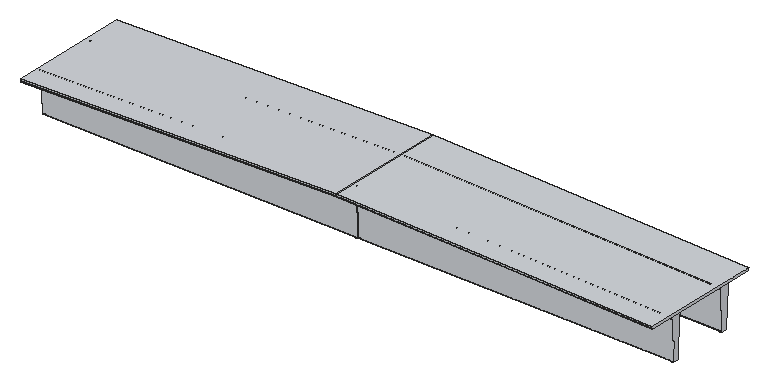
Revit family "TTS102-A_Precast-Rib deck with Slope_Spæncom", category Structural Framing, Revit 2014
Parameters (values of type "TTS 102-A")
  r2 = 10 mm  # constant formula
  r = 50 mm  # constant formula
  Type Comments = "Slope 1:40"
  TTS plate width side 2 (597mm) [instance] = 597.003 mm
  TTS plate width side 1 (597mm) [instance] = 597.003 mm
  TTS plate actual width (2394mm) [instance] = 2394.006 mm
  TTS height right [instance] = 863.76 mm
  TTS height left [instance] = 863.76 mm
  TTS height = 1020 mm  # constant formula
  Structural Material [instance] = (empty or 0)
  Slope TTS = 1.432°  # constant formula
  Rib width = 100 mm  # constant formula
  Rib distance = 1200 mm  # constant formula
  Plate thickness = 50 mm  # constant formula
  Model = "TTS102-A"
  Manufacturer = "Spæncom"
  Length [instance] = 13000 mm
  Lenght to KIP right [instance] = 6500 mm
Reference planes
  plane 1 "Center (Front/Back)": y = 0
  plane 2 "Center Elevation": z = 0
  plane 3 "Center (Left/Right)": x = 0
  plane 4 "Left": x = -6500
  plane 5 "Member Left": x = -6250
  plane 6 "Stick Symbol Left": x = -6000
  plane 7 "Right": x = 6500
  plane 8 "Member Right": x = 6250
  plane 9 "Stick Symbol Right": x = 6000
  plane 10: y = 1197.003
  plane 11: y = -1197.003
  plane 12: y = -600
  plane 13: y = 600
  plane 14: z = 510
  plane 15: z = -510
  plane 16: through (12192, 521.521, 201.983) normal (0, 0.9992, 0.04)
  plane 17: through (12192, 658.784, -290.4) normal (0, -0.9992, 0.04)
  plane 18: through (12192, -678.479, 201.983) normal (0, 0.9992, 0.04)
  plane 19: through (12192, -541.216, -290.4) normal (0, -0.9992, 0.04)
  plane 20: z = 460
  plane 21: x = 0
Forms (mm)
  Extrusion 1, solid
    sketch origin (0, 0, 0) x (1, 0, 0) y (0, 0, 1)
      loop
        line (0, 510) -> (0, 459.984) -> (6250, 303.745) -> (6250, 353.76) -> (0, 510)
    from -1197.003 to 1197.003
  Sweep 2, void
    path in 3D
      loop
        line (-202.984, -1197.003, 465.059) -> (6494.923, -1197.003, 297.622)
    profile origin (3145.97, -1197.003, 381.34) x (0.024991, 0, 0.999688) y (0, -1, 0)
      loop
        line (0, -23) -> (19.994, -3) -> (49.984, 0) -> (0, 0) -> (0, -23)
  Sweep 3, void
    path in 3D
      loop
        line (6499.922, 1197.003, 297.497) -> (-217.979, 1197.003, 465.433)
    profile origin (3140.971, 1197.003, 381.465) x (0.024991, 0, 0.999688) y (0, 1, 0)
      loop
        line (19.994, -3) -> (49.984, 0) -> (0, 0) -> (0, -23) -> (19.994, -3)
  SweptBlend 4, solid
    path origin (0, 0, 0) x (1, 0, 0) y (0, 1, 0)
      loop
        line (6250, 600) -> (0, 600)
    profile origin (6250, 600, 0) x (0, -1, 0) y (0, 0, 1)
      loop
        line (50.384, -500.4) -> (80.63, 255.743)
        arc (80.63, 255.743) -> (95.948, 289.8) -> (130.59, 303.745) r 50
        line (130.59, 303.745) -> (-130.59, 303.745)
        arc (-130.59, 303.745) -> (-95.948, 289.8) -> (-80.63, 255.743) r 50
        line (-80.63, 255.743) -> (-50.384, -500.4)
        arc (-50.384, -500.4) -> (-47.32, -507.211) -> (-40.392, -510) r 10
        line (-40.392, -510) -> (40.392, -510)
        arc (40.392, -510) -> (47.32, -507.211) -> (50.384, -500.4) r 10
    end profile origin (0, 600, 0) x (0, -1, 0) y (0, 0, 1)
      loop
        arc (86.88, 411.998) -> (102.198, 446.055) -> (136.84, 460) r 50
        line (136.84, 460) -> (-136.84, 460)
        arc (-136.84, 460) -> (-102.198, 446.055) -> (-86.88, 411.998) r 50
        line (-86.88, 411.998) -> (-50.384, -500.4)
        arc (-50.384, -500.4) -> (-47.32, -507.211) -> (-40.392, -510) r 10
        line (-40.392, -510) -> (40.392, -510)
        arc (40.392, -510) -> (47.32, -507.211) -> (50.384, -500.4) r 10
        line (50.384, -500.4) -> (86.88, 411.998)
  SweptBlend 5, solid
    path origin (0, -1200, 0) x (1, 0, 0) y (0, 1, 0)
      loop
        line (6250, 600) -> (0, 600)
    profile origin (6250, -600, 0) x (0, -1, 0) y (0, 0, 1)
      loop
        line (50.384, -500.4) -> (80.63, 255.743)
        arc (80.63, 255.743) -> (95.948, 289.8) -> (130.59, 303.745) r 50
        line (130.59, 303.745) -> (-130.59, 303.745)
        arc (-130.59, 303.745) -> (-95.948, 289.8) -> (-80.63, 255.743) r 50
        line (-80.63, 255.743) -> (-50.384, -500.4)
        arc (-50.384, -500.4) -> (-47.32, -507.211) -> (-40.392, -510) r 10
        line (-40.392, -510) -> (40.392, -510)
        arc (40.392, -510) -> (47.32, -507.211) -> (50.384, -500.4) r 10
    end profile origin (0, -600, 0) x (0, -1, 0) y (0, 0, 1)
      loop
        arc (86.88, 411.998) -> (102.198, 446.055) -> (136.84, 460) r 50
        line (136.84, 460) -> (-136.84, 460)
        arc (-136.84, 460) -> (-102.198, 446.055) -> (-86.88, 411.998) r 50
        line (-86.88, 411.998) -> (-50.384, -500.4)
        arc (-50.384, -500.4) -> (-47.32, -507.211) -> (-40.392, -510) r 10
        line (-40.392, -510) -> (40.392, -510)
        arc (40.392, -510) -> (47.32, -507.211) -> (50.384, -500.4) r 10
        line (50.384, -500.4) -> (86.88, 411.998)
  Extrusion 6, solid
    sketch origin (0, 0, 0) x (-1, 0, 0) y (0, 0, -1)
      loop
        line (0, -510) -> (6250, -353.76) -> (6250, -303.745) -> (0, -459.984) -> (0, -510)
    from -1197.003 to 1197.003
  Sweep 7, void
    path in 3D
      loop
        line (-6492.972, -1197.003, 297.671) -> (144.955, -1197.003, 463.608)
    profile origin (-3174.008, -1197.003, 380.64) x (-0.024991, 0, 0.999688) y (0, -1, 0)
      loop
        line (0, -23) -> (19.994, -3) -> (49.984, 0) -> (0, 0) -> (0, -23)
  SweptBlend 8, solid
    path origin (0, 0, 0) x (-1, 0, 0) y (0, 1, 0)
      loop
        line (6250, 600) -> (0, 600)
    profile origin (-6250, 600, 0) x (0, 1, 0) y (0, 0, 1)
      loop
        arc (-50.384, -500.4) -> (-47.32, -507.211) -> (-40.392, -510) r 10
        line (-40.392, -510) -> (40.392, -510)
        arc (40.392, -510) -> (47.32, -507.211) -> (50.384, -500.4) r 10
        line (50.384, -500.4) -> (80.63, 255.743)
        arc (80.63, 255.743) -> (95.948, 289.8) -> (130.59, 303.745) r 50
        line (130.59, 303.745) -> (-130.59, 303.745)
        arc (-130.59, 303.745) -> (-95.948, 289.8) -> (-80.63, 255.743) r 50
        line (-80.63, 255.743) -> (-50.384, -500.4)
    end profile origin (0, 600, 0) x (0, 1, 0) y (0, 0, 1)
      loop
        line (-86.88, 411.998) -> (-50.384, -500.4)
        arc (-50.384, -500.4) -> (-47.32, -507.211) -> (-40.392, -510) r 10
        line (-40.392, -510) -> (40.392, -510)
        arc (40.392, -510) -> (47.32, -507.211) -> (50.384, -500.4) r 10
        line (50.384, -500.4) -> (86.88, 411.998)
        arc (86.88, 411.998) -> (102.198, 446.055) -> (136.84, 460) r 50
        line (136.84, 460) -> (-136.84, 460)
        arc (-136.84, 460) -> (-102.198, 446.055) -> (-86.88, 411.998) r 50
  SweptBlend 9, solid
    path origin (0, -1200, 0) x (-1, 0, 0) y (0, 1, 0)
      loop
        line (6250, 600) -> (0, 600)
    profile origin (-6250, -600, 0) x (0, 1, 0) y (0, 0, 1)
      loop
        arc (-50.384, -500.4) -> (-47.32, -507.211) -> (-40.392, -510) r 10
        line (-40.392, -510) -> (40.392, -510)
        arc (40.392, -510) -> (47.32, -507.211) -> (50.384, -500.4) r 10
        line (50.384, -500.4) -> (80.63, 255.743)
        arc (80.63, 255.743) -> (95.948, 289.8) -> (130.59, 303.745) r 50
        line (130.59, 303.745) -> (-130.59, 303.745)
        arc (-130.59, 303.745) -> (-95.948, 289.8) -> (-80.63, 255.743) r 50
        line (-80.63, 255.743) -> (-50.384, -500.4)
    end profile origin (0, -600, 0) x (0, 1, 0) y (0, 0, 1)
      loop
        line (-86.88, 411.998) -> (-50.384, -500.4)
        arc (-50.384, -500.4) -> (-47.32, -507.211) -> (-40.392, -510) r 10
        line (-40.392, -510) -> (40.392, -510)
        arc (40.392, -510) -> (47.32, -507.211) -> (50.384, -500.4) r 10
        line (50.384, -500.4) -> (86.88, 411.998)
        arc (86.88, 411.998) -> (102.198, 446.055) -> (136.84, 460) r 50
        line (136.84, 460) -> (-136.84, 460)
        arc (-136.84, 460) -> (-102.198, 446.055) -> (-86.88, 411.998) r 50
  Sweep 10, void
    path in 3D
      loop
        line (108.014, 1197.003, 462.685) -> (-6250, 1197.003, 303.745)
    profile origin (-3070.993, 1197.003, 383.215) x (-0.024991, 0, 0.999688) y (0, 1, 0)
      loop
        line (0, -23) -> (19.994, -3) -> (49.984, 0) -> (0, 0) -> (0, -23)
Cuts and joins
  Sweep 2, Sweep 3 cuts Extrusion 1
  Sweep 7, Sweep 10 cuts Extrusion 6
Lines and regions (mm)
  sketch lines
    curve 1: line (-202.984, -1197.003, 465.059) -> (6494.923, -1197.003, 297.622)
    curve 2: line (6499.922, 1197.003, 297.497) -> (-217.979, 1197.003, 465.433)
    curve 3: line (-6492.972, -1197.003, 297.671) -> (144.955, -1197.003, 463.608)
    curve 4: line (108.014, 1197.003, 462.685) -> (-6250, 1197.003, 303.745)
Dimensions and locks
  "Length": plane 4 "Left" to plane 7 "Right"
  "TTS plate actual width (2394mm)": plane 10 to plane 11
  "Rib distance": plane 13 to plane 12
  equal spacing: plane 13, plane 1 "Center (Front/Back)", plane 12
  equal spacing: plane 14, level, plane 15
  "TTS height": plane 14 to plane 15
  "Plate thickness": Extrusion 1 sketch curve to Extrusion 1 sketch curve
  "Plate thickness": Extrusion 6 sketch curve to Extrusion 6 sketch curve
  locked: SweptBlend 9 sketch curve to SweptBlend 9 sketch curve at 48.002
  locked: SweptBlend 9 sketch curve to cut or joined group of Extrusion 6, Sweep 7, Sweep 10 at 48.002
  "Rib width": plane 16 to plane 17
  "Rib width": plane 18 to plane 19
  equal spacing: plane 16, plane 13, plane 17
  equal spacing: plane 18, plane 12, plane 19
  locked: SweptBlend 4 sketch curve to SweptBlend 4 sketch curve at 48.002  (x2)
  locked: SweptBlend 5 sketch curve to SweptBlend 5 sketch curve at 48.002  (x2)
  "Plate thickness": plane 20 to plane 14
  plane 19 to plane 12 to plane 18 = 50 mm, 50 mm
  plane 17 to plane 13 to plane 16 = 50 mm, 50 mm
  locked: SweptBlend 8 sketch curve to SweptBlend 8 sketch curve at 48.002  (x2)
  locked: cut or joined group of Extrusion 6, Sweep 7, Sweep 10 to SweptBlend 8 sketch curve at 50.016
  "TTS height left": cut or joined group of Extrusion 6, Sweep 7, Sweep 10 to plane 15
  "TTS height right": cut or joined group of Extrusion 1, Sweep 2, Sweep 3 to plane 15
  "Lenght to KIP right": plane 21 to plane 7 "Right"
  "TTS plate width side 1 (597mm)": plane 12 to plane 11
  "TTS plate width side 2 (597mm)": plane 10 to plane 13
  "r": radius of SweptBlend 4 sketch curve  (x4)
  "r2": radius of SweptBlend 4 sketch curve  (x4)
  "r": radius of SweptBlend 5 sketch curve  (x4)
  "r2": radius of SweptBlend 5 sketch curve  (x4)
  "r": radius of SweptBlend 8 sketch curve  (x4)
  "r2": radius of SweptBlend 8 sketch curve  (x4)
  "r": radius of SweptBlend 9 sketch curve  (x4)
  "r2": radius of SweptBlend 9 sketch curve  (x4)
  "Slope TTS": angle Extrusion 1 sketch curve to plane 14
  "Slope TTS": angle plane 14 to Extrusion 6 sketch curve
  aligned and locked: level to plane 2 "Center Elevation"
  aligned and locked: Extrusion 1 to plane 11
  aligned and locked: plane 10 to Extrusion 1
  aligned and locked: Extrusion 1 to plane 8 "Member Right"
  aligned and locked: plane 8 "Member Right" to SweptBlend 5 sketch curve
  aligned and locked: Extrusion 6 to plane 5 "Member Left"
  aligned and locked: plane 5 "Member Left" to SweptBlend 9 sketch curve
  aligned and locked: plane 15 to SweptBlend 5 sketch curve
  aligned and locked: SweptBlend 5 sketch curve to plane 15
  aligned and locked: SweptBlend 4 sketch curve to SweptBlend 8  (x2)
  aligned and locked: SweptBlend 9 sketch curve to plane 15
  aligned and locked: plane 15 to SweptBlend 9 sketch curve
  aligned and locked: SweptBlend 8 sketch curve to plane 15
  aligned and locked: plane 15 to SweptBlend 8 sketch curve
  aligned and locked: plane 5 "Member Left" to SweptBlend 8 sketch curve
  aligned and locked: cut or joined group of Extrusion 1, Sweep 2, Sweep 3 to SweptBlend 4 sketch curve
  aligned and locked: plane 17 to SweptBlend 4 sketch curve  (x2)
  aligned and locked: plane 16 to SweptBlend 4 sketch curve  (x2)
  aligned and locked: plane 19 to SweptBlend 5 sketch curve  (x2)
  aligned and locked: plane 18 to SweptBlend 5 sketch curve  (x2)
  aligned and locked: cut or joined group of Extrusion 1, Sweep 2, Sweep 3 to SweptBlend 5 sketch curve
  aligned and locked: SweptBlend 8 sketch curve to plane 16  (x2)
  aligned and locked: SweptBlend 8 sketch curve to plane 17  (x2)
  aligned and locked: SweptBlend 9 sketch curve to plane 18  (x2)
  aligned and locked: SweptBlend 9 sketch curve to plane 19  (x2)
  aligned and locked: SweptBlend 9 sketch curve to plane 20
  aligned and locked: SweptBlend 8 sketch curve to plane 20
  aligned and locked: plane 20 to SweptBlend 5 sketch curve
  aligned and locked: plane 20 to SweptBlend 4 sketch curve
  aligned and locked: plane 21 to cut or joined group of Extrusion 6, Sweep 7, Sweep 10
  aligned and locked: plane 21 to cut or joined group of Extrusion 1, Sweep 2, Sweep 3
  aligned and locked: plane 21 to SweptBlend 5 sketch curve
  aligned and locked: plane 21 to SweptBlend 4 sketch curve
  aligned and locked: plane 21 to SweptBlend 9 sketch curve
  aligned and locked: plane 21 to SweptBlend 8 sketch curve
  aligned and locked: Sweep 2 to Extrusion 1
  aligned and locked: Sweep 3 to Extrusion 1
  aligned and locked: plane 10 to Extrusion 6
  aligned and locked: Extrusion 6 to plane 11
Automatic sketch dimensions
  Sweep 2 sketch curve to profile plane = 0 mm  (x2)
  Sweep 2 sketch curve to profile plane = 3 mm
  Sweep 2 sketch curve to profile plane = 19.994 mm
  Sweep 2 sketch curve to Sweep 2 sketch curve = 29.991 mm
  Sweep 2 sketch curve to profile plane = 23 mm
  Sweep 3 sketch curve to profile plane = 0 mm  (x2)
  Sweep 3 sketch curve to profile plane = 3 mm
  Sweep 3 sketch curve to profile plane = 19.994 mm
  Sweep 3 sketch curve to Sweep 3 sketch curve = 29.991 mm
  Sweep 3 sketch curve to profile plane = 23 mm
  SweptBlend 4 sketch curve to SweptBlend 4 sketch curve = 9.992 mm  (x4)
  SweptBlend 5 sketch curve to SweptBlend 5 sketch curve = 9.992 mm  (x4)
  Sweep 7 sketch curve to profile plane = 0 mm
  profile plane to Sweep 7 sketch curve = 0 mm
  Sweep 7 sketch curve to profile plane = 3 mm
  Sweep 7 sketch curve to profile plane = 19.994 mm
  Sweep 7 sketch curve to Sweep 7 sketch curve = 29.991 mm
  Sweep 7 sketch curve to profile plane = 23 mm
  SweptBlend 9 sketch curve to SweptBlend 9 sketch curve = 9.992 mm  (x4)
  SweptBlend 9 sketch curve to SweptBlend 9 sketch curve = 49.96 mm  (x3)
  SweptBlend 4 sketch curve to SweptBlend 4 sketch curve = 49.96 mm  (x2)
  SweptBlend 5 sketch curve to SweptBlend 5 sketch curve = 49.96 mm  (x2)
  SweptBlend 8 sketch curve to SweptBlend 8 sketch curve = 49.96 mm  (x2)
  SweptBlend 8 sketch curve to SweptBlend 8 sketch curve = 9.992 mm  (x4)
  Extrusion 1 sketch curve to plane 3 "Center (Left/Right)" = 0 mm
  Extrusion 1 sketch curve to plane 14 = 0 mm
  Extrusion 1 sketch curve to plane 8 "Member Right" = 0 mm
  Extrusion 6 sketch curve to plane 3 "Center (Left/Right)" = 0 mm
  plane 5 "Member Left" to Extrusion 6 sketch curve = 0 mm
  Extrusion 6 sketch curve to plane 14 = 0 mm
  SweptBlend 5 sketch curve to plane 12 = 0 mm
  SweptBlend 4 sketch curve to plane 13 = 0 mm
  SweptBlend 4 sketch curve to plane 8 "Member Right" = 0 mm
  SweptBlend 9 sketch curve to plane 12 = 0 mm
  SweptBlend 8 sketch curve to plane 13 = 0 mm
  Sweep 10 sketch curve to profile plane = 0 mm
  profile plane to Sweep 10 sketch curve = 0 mm
  Sweep 10 sketch curve to profile plane = 3 mm
  Sweep 10 sketch curve to profile plane = 19.994 mm
  Sweep 10 sketch curve to profile plane = 23 mm
  Sweep 10 sketch curve to Sweep 10 sketch curve = 29.991 mm
